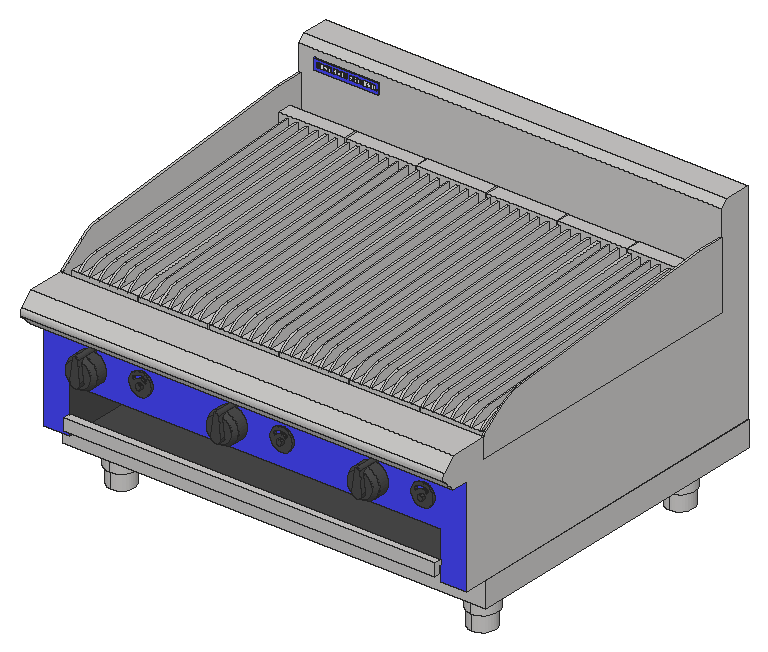
Revit family "QF_MOFFAT_BLUESEAL_AU_G596-B", category Specialty Equipment, Revit 2012 (continued)
Automatic sketch dimensions
  plane 10 to Extrusion 50 sketch curve = 12.852 mm
  plane 10 to Extrusion 50 sketch curve = 8.738 mm
  plane 9 to Extrusion 50 sketch curve = 32 mm
  Extrusion 50 sketch curve to plane 11 = 220.155 mm
  Extrusion 50 sketch curve to plane 11 = 174.636 mm
  Extrusion 50 sketch curve to Extrusion 50 sketch curve = 52.486 mm
  plane 10 to Extrusion 51 sketch curve = 59 mm
  plane 10 to Extrusion 51 sketch curve = 12.852 mm
  plane 10 to Extrusion 51 sketch curve = 8.738 mm
  plane 9 to Extrusion 51 sketch curve = 32 mm
  Extrusion 51 sketch curve to plane 11 = 220.155 mm
  Extrusion 51 sketch curve to plane 11 = 174.636 mm
  Extrusion 51 sketch curve to Extrusion 51 sketch curve = 52.486 mm
  plane 10 to Extrusion 52 sketch curve = 59 mm
  plane 10 to Extrusion 52 sketch curve = 12.852 mm
  plane 10 to Extrusion 52 sketch curve = 8.738 mm
  plane 9 to Extrusion 52 sketch curve = 32 mm
  Extrusion 52 sketch curve to plane 11 = 220.155 mm
  Extrusion 52 sketch curve to plane 11 = 174.636 mm
  Extrusion 52 sketch curve to Extrusion 52 sketch curve = 52.486 mm
  plane 10 to Extrusion 53 sketch curve = 59 mm
  plane 10 to Extrusion 53 sketch curve = 12.852 mm
  plane 10 to Extrusion 53 sketch curve = 8.738 mm
  plane 9 to Extrusion 53 sketch curve = 32 mm
  Extrusion 53 sketch curve to plane 11 = 220.155 mm
  Extrusion 53 sketch curve to plane 11 = 174.636 mm
  Extrusion 53 sketch curve to Extrusion 53 sketch curve = 52.486 mm
  plane 10 to Extrusion 54 sketch curve = 59 mm
  plane 10 to Extrusion 54 sketch curve = 12.852 mm
  plane 10 to Extrusion 54 sketch curve = 8.738 mm
  plane 9 to Extrusion 54 sketch curve = 32 mm
  Extrusion 54 sketch curve to plane 11 = 220.155 mm
  Extrusion 54 sketch curve to plane 11 = 174.636 mm
  Extrusion 54 sketch curve to Extrusion 54 sketch curve = 52.486 mm
  plane 10 to Extrusion 55 sketch curve = 59 mm
  plane 9 to Extrusion 55 sketch curve = 32 mm
  plane 9 to Extrusion 55 sketch curve = 2 mm
  Extrusion 55 sketch curve to plane 11 = 210 mm
  Extrusion 55 sketch curve to Extrusion 55 sketch curve = 35.364 mm
  Extrusion 55 sketch curve to Extrusion 55 sketch curve = 59.636 mm
  plane 10 to Extrusion 56 sketch curve = 59 mm
  plane 10 to Extrusion 56 sketch curve = 12.852 mm
  plane 10 to Extrusion 56 sketch curve = 8.738 mm
  plane 9 to Extrusion 56 sketch curve = 32 mm
  Extrusion 56 sketch curve to plane 11 = 220.155 mm
  Extrusion 56 sketch curve to Extrusion 56 sketch curve = 45.518 mm
  Extrusion 56 sketch curve to Extrusion 56 sketch curve = 52.486 mm
  plane 10 to Extrusion 57 sketch curve = 59 mm
  plane 10 to Extrusion 57 sketch curve = 12.852 mm
  plane 10 to Extrusion 57 sketch curve = 8.738 mm
  plane 9 to Extrusion 57 sketch curve = 32 mm
  Extrusion 57 sketch curve to plane 11 = 220.155 mm
  Extrusion 57 sketch curve to plane 11 = 174.636 mm
  Extrusion 57 sketch curve to Extrusion 57 sketch curve = 52.486 mm
  plane 10 to Extrusion 58 sketch curve = 59 mm
  plane 10 to Extrusion 58 sketch curve = 12.852 mm
  plane 10 to Extrusion 58 sketch curve = 8.738 mm
  plane 9 to Extrusion 58 sketch curve = 32 mm
  Extrusion 58 sketch curve to plane 11 = 220.155 mm
  Extrusion 58 sketch curve to plane 11 = 174.636 mm
  Extrusion 58 sketch curve to Extrusion 58 sketch curve = 52.486 mm
  plane 10 to Extrusion 59 sketch curve = 59 mm
  plane 10 to Extrusion 59 sketch curve = 12.852 mm
  plane 10 to Extrusion 59 sketch curve = 8.738 mm
  plane 9 to Extrusion 59 sketch curve = 32 mm
  Extrusion 59 sketch curve to plane 11 = 220.155 mm
  Extrusion 59 sketch curve to plane 11 = 174.636 mm
  Extrusion 59 sketch curve to Extrusion 59 sketch curve = 52.486 mm
  plane 10 to Extrusion 60 sketch curve = 59 mm
  plane 10 to Extrusion 60 sketch curve = 12.852 mm
  plane 10 to Extrusion 60 sketch curve = 8.738 mm
  plane 9 to Extrusion 60 sketch curve = 32 mm
  Extrusion 60 sketch curve to plane 11 = 220.155 mm
  Extrusion 60 sketch curve to plane 11 = 174.636 mm
  Extrusion 60 sketch curve to Extrusion 60 sketch curve = 52.486 mm
  plane 10 to Extrusion 61 sketch curve = 59 mm
  plane 10 to Extrusion 61 sketch curve = 12.852 mm
  plane 10 to Extrusion 61 sketch curve = 8.738 mm
  plane 9 to Extrusion 61 sketch curve = 32 mm
  Extrusion 61 sketch curve to plane 11 = 220.155 mm
  Extrusion 61 sketch curve to plane 11 = 174.636 mm
  Extrusion 61 sketch curve to Extrusion 61 sketch curve = 52.486 mm
  plane 10 to Extrusion 62 sketch curve = 59 mm
  plane 10 to Extrusion 62 sketch curve = 12.852 mm
  plane 10 to Extrusion 62 sketch curve = 8.738 mm
  plane 9 to Extrusion 62 sketch curve = 32 mm
  Extrusion 62 sketch curve to plane 11 = 220.155 mm
  Extrusion 62 sketch curve to plane 11 = 174.636 mm
  Extrusion 62 sketch curve to Extrusion 62 sketch curve = 52.486 mm
  plane 10 to Extrusion 63 sketch curve = 59 mm
  plane 9 to Extrusion 63 sketch curve = 32 mm
  plane 9 to Extrusion 63 sketch curve = 2 mm
  Extrusion 63 sketch curve to plane 11 = 210 mm
  Extrusion 63 sketch curve to Extrusion 63 sketch curve = 35.364 mm
  Extrusion 63 sketch curve to Extrusion 63 sketch curve = 59.636 mm
  Extrusion 64 sketch curve to Extrusion 1 = 0 mm
  Extrusion 64 sketch curve to Extrusion 1 = 100 mm
  Extrusion 64 sketch curve to Extrusion 1 = 55 mm  (x2)
  Split face 3 sketch curve to Extrusion 1 = 27.315 mm
  Split face 3 sketch curve to Extrusion 1 = 323.319 mm
  Split face 3 sketch curve to Split face 3 sketch curve = 4.041 mm  (x4)
  Split face 3 sketch curve to Split face 3 sketch curve = 8.66 mm  (x2)
  Split face 3 sketch curve to Extrusion 1 = 12.315 mm
  Split face 3 sketch curve to Split face 3 sketch curve = 223.917 mm
  Split face 3 sketch curve to Split face 3 sketch curve = 7 mm  (x3)
  Split face 3 sketch curve to Split face 3 sketch curve = 17 mm
  Revolve 65 sketch curve to plane 5 "FRONT" = 19 mm
  Revolve 65 sketch curve to Revolve 65 sketch curve = 0 mm  (x2)
  Revolve 65 sketch curve to Revolve 65 sketch curve = 11 mm
  Revolve 65 sketch curve to Revolve 65 sketch curve = 12.7 mm
  Revolve 65 sketch curve to Revolve 65 sketch curve = 23 mm
  Revolve 65 sketch curve to Revolve 65 sketch curve = 10 mm
  Revolve 65 sketch curve to plane 11 = 290.2 mm
  Revolve 65 sketch curve to Revolve 65 sketch curve = 5 mm
  Revolve 65 sketch curve to Revolve 65 sketch curve = 26.651 mm
  Revolve 65 sketch curve to Revolve 65 sketch curve = 5.849 mm
  plane 4 "RIGHT" to Extrusion 66 sketch curve = 202.487 mm
  Extrusion 66 sketch curve to Extrusion 66 sketch curve = 5.489 mm
  Extrusion 66 sketch curve to Extrusion 66 sketch curve = 4.999 mm  (x2)
  Extrusion 66 sketch curve to Extrusion 66 sketch curve = 10.487 mm
  Extrusion 66 sketch curve to Extrusion 66 sketch curve = 10.419 mm
  level to Extrusion 66 sketch curve = 282.8 mm
  Extrusion 66 sketch curve to Extrusion 66 sketch curve = 0.028 mm
  Extrusion 66 sketch curve to Extrusion 66 sketch curve = 44 mm
  Extrusion 66 sketch curve to Extrusion 66 sketch curve = 0.113 mm
  curve 3 to plane 3 "LEFT" = 0 mm
  curve 3 to plane 4 "RIGHT" = 0 mm
  plane 1 "BACK" to curve 2 = 0 mm
  curve 4 to plane 5 "FRONT" = 0.001 mm
  plane 1 "BACK" to curve 12 = 33.185 mm
  curve 12 to plane 7 "Center Y" = 122.64 mm
  plane 1 "BACK" to curve 11 = 40.185 mm
  curve 12 to curve 11 = 4.041 mm
  curve 11 to curve 5 = 8.66 mm
  curve 12 to curve 10 = 4.041 mm
  plane 1 "BACK" to curve 6 = 28.185 mm
  plane 7 "Center Y" to curve 6 = 113.979 mm
  curve 6 to curve 9 = 4.041 mm
  curve 6 to curve 6 = 8.66 mm
  plane 1 "BACK" to curve 7 = 30.185 mm
  curve 6 to curve 7 = 4.041 mm
  curve 8 to curve 8 = 15 mm
  curve 10 to curve 12 = 7 mm
  plane 1 "BACK" to curve 15 = 33.185 mm
  curve 8 to curve 15 = 58.659 mm
  curve 15 to curve 16 = 4.041 mm
  curve 14 to curve 13 = 8.66 mm
  curve 15 to curve 17 = 8.66 mm
  plane 1 "BACK" to curve 20 = 18.185 mm
  plane 4 "RIGHT" to curve 20 = 28.041 mm
  curve 20 to curve 18 = 4.041 mm  (x2)
  curve 20 to curve 19 = 8.66 mm
  curve 18 to curve 20 = 27 mm
  curve 16 to curve 15 = 7 mm
  curve 17 to curve 18 = 10 mm
  curve 18 to curve 20 = 7 mm
  curve 23 to plane 12 = 30.16 mm
  curve 22 to curve 23 = 4.041 mm
  curve 23 to curve 22 = 8.66 mm
  curve 24 to curve 25 = 8.66 mm
  curve 28 to curve 11 = 55.402 mm
  curve 28 to curve 25 = 4.041 mm
  plane 1 "BACK" to curve 27 = 23.185 mm
  curve 21 to curve 27 = 8.66 mm
  curve 28 to curve 26 = 4.041 mm
  curve 25 to curve 28 = 22 mm
  curve 24 to curve 23 = 5 mm
  curve 25 to curve 26 = 10 mm
  curve 23 to curve 22 = 7 mm
  curve 26 to curve 28 = 7 mm
  curve 29 to plane 9 = 42.5 mm
  curve 30 to curve 29 = 12.5 mm
  plane 10 to curve 31 = 80 mm
  curve 2 to curve 32 = 28.029 mm
  curve 36 to plane 7 "Center Y" = 0 mm
  plane 3 "LEFT" to curve 33 = 4.5 mm
  plane 12 to curve 33 = 81.5 mm
  plane 10 to curve 34 = 59 mm
  curve 34 to curve 35 = 3 mm
  curve 35 to plane 7 "Center Y" = 3 mm
  plane 10 to curve 36 = 59 mm
  plane 9 to curve 40 = 2 mm
  curve 8 to curve 40 = 31.979 mm
  curve 36 to curve 37 = 3 mm
  plane 13 to curve 37 = 87.5 mm
  curve 40 to curve 39 = 3 mm
  plane 4 "RIGHT" to curve 41 = 3 mm
  plane 10 to curve 38 = 59 mm
  curve 37 to curve 38 = 0 mm
  curve 35 to curve 36 = 0 mm
  curve 33 to curve 34 = 0 mm
  plane 9 to curve 39 = 2 mm
  plane 9 to curve 43 = 2 mm
  curve 43 to curve 44 = 3 mm
  plane 9 to curve 44 = 2 mm
  curve 26 to curve 44 = 21 mm
  plane 9 to curve 46 = 2 mm
  plane 9 to curve 45 = 2 mm
  plane 3 "LEFT" to curve 57 = 21 mm
  plane 9 to curve 57 = 32 mm
  curve 57 to curve 58 = 21 mm
  curve 59 to plane 12 = 2.5 mm
  plane 12 to curve 60 = 18.5 mm
  curve 60 to curve 61 = 21 mm
  curve 61 to curve 62 = 21 mm
  curve 62 to curve 63 = 28.5 mm
  curve 62 to curve 63 = 0 mm
  curve 63 to curve 64 = 21 mm
  curve 64 to curve 65 = 21 mm
  curve 65 to curve 66 = 21 mm
  curve 66 to curve 67 = 21 mm
  curve 67 to curve 68 = 21 mm
  curve 69 to curve 34 = 16.5 mm
  curve 35 to curve 70 = 4.5 mm
  curve 69 to curve 70 = 0 mm
  curve 70 to curve 71 = 21 mm
  curve 71 to curve 72 = 21 mm
  curve 72 to curve 73 = 21 mm
  curve 73 to curve 74 = 21 mm
  curve 74 to curve 75 = 21 mm
  curve 76 to plane 7 "Center Y" = 19.5 mm
  plane 7 "Center Y" to curve 77 = 4.5 mm
  curve 76 to curve 77 = 0 mm
  curve 77 to curve 78 = 21 mm
  curve 78 to curve 79 = 21 mm
  curve 79 to curve 80 = 21 mm
  curve 80 to curve 81 = 21 mm
  curve 81 to curve 82 = 21 mm
  curve 83 to curve 36 = 16.5 mm
  curve 37 to curve 84 = 4.5 mm
  curve 83 to curve 84 = 0 mm
  curve 84 to curve 85 = 21 mm
  curve 85 to curve 86 = 21 mm
  curve 86 to curve 87 = 21 mm
  curve 87 to curve 88 = 21 mm
  curve 88 to curve 89 = 21 mm
  curve 89 to curve 90 = 21 mm
  curve 90 to curve 91 = 24 mm
  curve 90 to curve 91 = 0 mm
  curve 91 to curve 92 = 21 mm
  curve 92 to curve 93 = 21 mm
  plane 13 to curve 94 = 17 mm
  curve 95 to plane 13 = 4 mm
  curve 95 to curve 96 = 21 mm
  plane 4 "RIGHT" to curve 97 = 19.5 mm
  radius of Extrusion 33 sketch curve = 13.5 mm
  radius of Extrusion 38 sketch curve = 23.9 mm  (x3)
  radius of Extrusion 39 sketch curve = 5.75 mm  (x3)
Nested families
  nested 1: "WALDORF LOGO_FACE BASE" at (32.004, -70, 556.885) x (1, 0, 0) z (0, -1, 0), visible <- "Show Logo", type "WALDORF LOGO_FACE BASE", detail levels medium+fine
    with Show Logo yes
Connectors
  piping at (216, -34, 53)
    settings: on Extrusion 33, index 2, connector radius 0.37402", flow factor 0, pipe flow 0 GPM, pressure drop 0.00 psi, fitting loss kfactor 0, connector angle 0.00°, fixture units 0, engagement length 0 mm, flow configuration 1, flow direction 1, fitting loss method 0, system type 7, joint type 0, gender type 0, connector reference index -1, connector utility 0, adjustable connector no, is connector primary yes, fitting loss table "", connector description ""
Definition of nested family "WALDORF LOGO_FACE BASE"
  Parameters (values of type "WALDORF LOGO_FACE BASE")
    Show Logo [instance] = yes
    Default Elevation = 1219.2 mm
  Reference planes
    plane 1 "Center (Front/Back)": y = 0
    plane 2: z = 0
    plane 3 "Center (Left/Right)": x = 0
  Forms (mm)
    Extrusion 1, solid
      sketch origin (0, 0, 0) x (1, 0, 0) y (0, 1, 0)
        loop
          line (-1219.2, 1219.2) -> (-1219.2, -1219.2) -> (1219.2, -1219.2) -> (1219.2, 1219.2) -> (-1219.2, 1219.2)
      from 0 to -304.8
    Extrusion 2, solid, material "QF_Finishes_Blue", visible <- "Show Logo"
      sketch origin (0, -33.217, 0) x (1, 0, 0) y (0, 1, 0)
        loop
          arc (138, 31.942) -> (137.626, 32.844) -> (136.724, 33.217) r 1.276
          line (136.724, 33.217) -> (1.29, 33.217)
          arc (1.29, 33.217) -> (0.378, 32.839) -> (0, 31.927) r 1.29
          line (0, 31.927) -> (0, 11.507)
          arc (0, 11.507) -> (0.378, 10.595) -> (1.29, 10.217) r 1.29
          line (1.29, 10.217) -> (136.71, 10.217)
          arc (136.71, 10.217) -> (137.622, 10.595) -> (138, 11.507) r 1.29
          line (138, 11.507) -> (138, 31.942)
      from 0 to 1.588
    Extrusion 3, solid, material "QF_Finishes_White", visible <- "Show Logo"
      sketch origin (0, -33.217, 1.588) x (1, 0, 0) y (0, 1, 0)
        loop
          arc (108.946, 25.919) -> (107.613, 25.367) -> (107.061, 24.034) r 1.885
          line (107.061, 24.034) -> (107.061, 17.211) -> (112.704, 17.211) -> (112.704, 19.129) -> (115.546, 19.129) -> (115.546, 17.211) -> (121.584, 17.211) -> (121.584, 24.075)
          arc (121.584, 24.075) -> (121.043, 25.379) -> (119.739, 25.919) r 1.845
          line (119.739, 25.919) -> (108.946, 25.919)
        loop
          line (123.478, 25.919) -> (123.478, 17.163) -> (134.904, 17.163) -> (134.904, 19.129) -> (129.246, 19.129) -> (129.246, 25.919) -> (123.478, 25.919)
        loop
          line (112.704, 21.258) -> (115.546, 21.258) -> (115.546, 22.702)
          arc (115.546, 22.702) -> (115.344, 23.188) -> (114.858, 23.389) r 0.687
          line (114.858, 23.389) -> (113.363, 23.389)
          arc (113.363, 23.389) -> (112.897, 23.196) -> (112.704, 22.73) r 0.658
          line (112.704, 22.73) -> (112.704, 21.258)
        loop
          line (105.071, 25.919) -> (93.771, 25.919) -> (93.771, 17.163) -> (105.071, 17.163) -> (105.071, 19.063) -> (99.535, 19.063) -> (99.535, 20.437) -> (105.071, 20.437) -> (105.071, 22.278) -> (99.535, 22.278) -> (99.535, 23.587) -> (105.071, 23.587) -> (105.071, 25.919)
        loop
          line (91.104, 25.919) -> (79.541, 25.919)
          arc (79.541, 25.919) -> (78.558, 25.513) -> (78.152, 24.53) r 1.389
          line (78.152, 24.53) -> (78.152, 22.08)
          arc (78.152, 22.08) -> (78.558, 21.098) -> (79.541, 20.691) r 1.389
          line (79.541, 20.691) -> (86.346, 20.691) -> (86.346, 18.864) -> (83.266, 18.864) -> (83.266, 19.664) -> (78.152, 19.664) -> (78.152, 18.553)
          arc (78.152, 18.553) -> (78.558, 17.57) -> (79.541, 17.163) r 1.389
          line (79.541, 17.163) -> (91.063, 17.163)
          arc (91.063, 17.163) -> (92.045, 17.57) -> (92.452, 18.553) r 1.389
          line (92.452, 18.553) -> (92.452, 20.691)
          arc (92.452, 20.691) -> (92.045, 21.673) -> (91.063, 22.08) r 1.389
          line (91.063, 22.08) -> (83.266, 22.08) -> (83.266, 23.984) -> (86.346, 23.984) -> (86.346, 22.743) -> (92.452, 22.743) -> (92.452, 24.571)
          arc (92.452, 24.571) -> (92.057, 25.524) -> (91.104, 25.919) r 1.348
        loop
          line (70.705, 25.919) -> (59.405, 25.919) -> (59.405, 17.163) -> (70.705, 17.163) -> (70.705, 19.063) -> (65.169, 19.063) -> (65.169, 20.437) -> (70.705, 20.437) -> (70.705, 22.278) -> (65.169, 22.278) -> (65.169, 23.587) -> (70.705, 23.587) -> (70.705, 25.919)
        loop
          line (57.598, 25.919) -> (51.7, 25.919) -> (51.7, 20.18)
          arc (51.7, 20.18) -> (50.63, 19.11) -> (49.56, 20.18) r 1.07
          line (49.56, 20.18) -> (49.56, 25.919) -> (43.663, 25.919) -> (43.663, 19.049)
          arc (43.663, 19.049) -> (44.215, 17.716) -> (45.548, 17.163) r 1.885
          line (45.548, 17.163) -> (55.71, 17.163)
          arc (55.71, 17.163) -> (57.045, 17.716) -> (57.598, 19.051) r 1.887
          line (57.598, 19.051) -> (57.598, 25.919)
        loop
          line (31.62, 25.919) -> (31.62, 17.163) -> (43.046, 17.163) -> (43.046, 19.129) -> (37.388, 19.129) -> (37.388, 25.919) -> (31.62, 25.919)
        loop
          line (15.969, 25.919) -> (15.969, 17.163) -> (28.693, 17.163)
          arc (28.693, 17.163) -> (29.812, 17.627) -> (30.276, 18.746) r 1.582
          line (30.276, 18.746) -> (30.276, 20.447) -> (29.48, 21.243) -> (30.276, 22.039) -> (30.276, 24.332)
          arc (30.276, 24.332) -> (29.811, 25.454) -> (28.688, 25.919) r 1.587
          line (28.688, 25.919) -> (15.969, 25.919)
        loop
          line (21.449, 24.159) -> (21.449, 22.436) -> (23.862, 22.436)
          arc (23.862, 22.436) -> (24.723, 23.298) -> (23.862, 24.159) r 0.861
          line (23.862, 24.159) -> (21.449, 24.159)
        loop
          line (21.449, 20.244) -> (21.449, 18.522) -> (23.862, 18.522)
          arc (23.862, 18.522) -> (24.723, 19.383) -> (23.862, 20.244) r 0.861
          line (23.862, 20.244) -> (21.449, 20.244)
      from 0 to 0.2
    Extrusion 4, solid, material "QF_Finishes_Blue", visible <- "Show Logo"
      sketch origin (-126.498, -31.09, 1.588) x (1, 0, 0) y (0, 1, 0)
        loop
          line (136.738, 23.522) -> (136.738, 15.1)
          arc (136.738, 15.1) -> (140.756, 19.311) -> (136.738, 23.522) r 4.216
      from 0 to 0.2
    Extrusion 5, solid, material "QF_Finishes_Red", visible <- "Show Logo"
      sketch origin (146.849, -31.09, 1.588) x (-1, 0, 0) y (0, -1, 0)
        loop
          arc (136.738, -23.522) -> (140.756, -19.311) -> (136.738, -15.1) r 4.216
          line (136.738, -15.1) -> (136.738, -23.522)
      from 0 to 0.2
  Lines and regions (mm)
    Split face 1
      outline origin (-90.35, -30.793, 1.588) x (1, 0, 0) y (0, 1, 0)
        loop
          circle (100.54, 19.013) r 4.536
  Dimensions and locks
    aligned and locked: plane 2 to Extrusion 1
    aligned and locked: level to Extrusion 1
